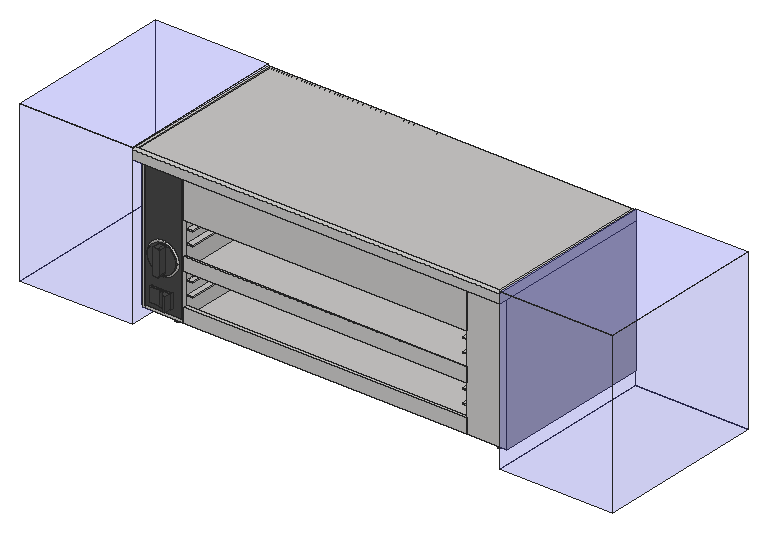
Revit family "QF_Vollrath_CM2-12026", category Specialty Equipment, Revit 2016
Family settings
  Part Type = Normal
  Round Connector Dimension = Use Diameter
  OmniClass Number = 23.40.40.00
  OmniClass Title = Food Service Equipment and Furnishings
  Work Plane-Based = No
  Always vertical = Yes
  Cut with Voids When Loaded = No
  Shared = No
  Room Calculation Point = No
Parameters (values of type "CM2-12026")
  Width = 26 1/4"
  Weight in Pounds = 36
  Watts = 1650 W
  Watermarked By = ""
  Volts = 120 V
  URL Cutsheet = ""
  URL = "http://vollrath.com/Vollrath.htm"
  Status [instance] = ""
  Specification by User [instance] = ""
  Specification by Manufacturer [instance] = ""
  Serial Number [instance] = ""
  Revision Code [instance] = ""
  Phase = 1
  Opening = 20 1/4"
  Number of Poles [instance] = 1
  NAFEM Spec ID Number [instance] = ""
  Model = "CM2-12026"
  Masterspec [instance] = ""
  Manufacturer = "Vollrath"
  Item Number [instance] = "-"
  Installed By [instance] = ""
  Height = 11 3/8"
  Furnished By [instance] = ""
  Foodservice Equipment Identifier = yes
  FL Amps = 13.8 A
  Electrical Remarks [instance] = ""
  Electric Connection Type = ""
  Elec Conn RI Height [instance] = 0"
  Elec Conn Connection Height = 6"
  Description = "Cheese Melter"
  Depth = 12 1/8"
  Cycle = 60 Hz
  Conn Plug = "NEMA 5-15P"
  CSI MasterFormat = ""
  Assembly Code = "E1090320"
  Apparent Power = if(Phase = 3, Volts * FL Amps * 1.73, Volts * FL Amps)  # 1656 VA
Reference planes (in)
  plane 1 "BACK": y = 0
  plane 2: z = 0
  plane 3 "LEFT": x = -16.56573
  plane 4 "RIGHT": x = 9.68427
  plane 5 "FRONT": y = -12.125
  plane 6 "TOP": z = 11.375
  plane 7: x = -3.44073
  plane 8: y = -5.75
  plane 9: x = 17.68427
  plane 10: x = -24.56573
  plane 11 "Right Inner": x = 6.80927
  plane 12 "Left Inner": x = -13.44073
  plane 13 "Leg Right": x = 8.05927
  plane 14 "Leg Left": x = -14.94073
  plane 15 "Leg Back": y = -2.09375
  plane 16 "Leg Front": y = -10.03125
  plane 17 "Bottom of Box": z = 1
  plane 18 "Bottom of Top": z = 10.5625
  plane 19 "Front of Box": y = -11.5
Forms (in)
  Extrusion 1, solid, material "QF_Clearance", detail levels medium+fine
    sketch origin (0, 0, 0) x (1, 0, 0) y (0, 1, 0)
      loop
        line (-24.56573, 0) -> (-24.56573, -12.125) -> (-16.56573, -12.125) -> (-16.56573, 0) -> (-24.56573, 0)
      loop
        line (17.68427, 0) -> (9.68427, 0) -> (9.68427, -12.125) -> (17.68427, -12.125) -> (17.68427, 0)
    from 0 to 11.375
  Revolve 2, solid, material "QF_Stainless-Polished"
    sketch origin (-14.94073, 0, 0) x (0, 1, 0) y (0, 0, 1)
      loop
        line (-2.09375, 1) -> (-2.09375, 0) -> (-1.89375, 0) -> (-1.89375, 0.2) -> (-1.85375, 0.2) -> (-1.77375, 0.6) -> (-1.69375, 0.6) -> (-1.61375, 1) -> (-2.09375, 1)
      axis (-2.09375, 0) -> (-2.09375, 1)
    angle from 0 to 360
  Revolve 3, solid, material "QF_Stainless-Polished"
    sketch origin (-14.94073, 0, 0) x (0, 1, 0) y (0, 0, 1)
      loop
        line (-10.03125, 1) -> (-10.03125, 0) -> (-9.83125, 0) -> (-9.83125, 0.2) -> (-9.79125, 0.2) -> (-9.71125, 0.6) -> (-9.63125, 0.6) -> (-9.55125, 1) -> (-10.03125, 1)
      axis (-10.03125, 0) -> (-10.03125, 1)
    angle from 0 to 360
  Revolve 4, solid, material "QF_Stainless-Polished"
    sketch origin (8.05927, 0, 0) x (0, 1, 0) y (0, 0, 1)
      loop
        line (-2.09375, 1) -> (-2.09375, 0) -> (-1.89375, 0) -> (-1.89375, 0.2) -> (-1.85375, 0.2) -> (-1.77375, 0.6) -> (-1.69375, 0.6) -> (-1.61375, 1) -> (-2.09375, 1)
      axis (-2.09375, 0) -> (-2.09375, 1)
    angle from 0 to 360
  Revolve 5, solid, material "QF_Stainless-Polished"
    sketch origin (8.05927, 0, 0) x (0, 1, 0) y (0, 0, 1)
      loop
        line (-10.03125, 1) -> (-10.03125, 0) -> (-9.83125, 0) -> (-9.83125, 0.2) -> (-9.79125, 0.2) -> (-9.71125, 0.6) -> (-9.63125, 0.6) -> (-9.55125, 1) -> (-10.03125, 1)
      axis (-10.03125, 0) -> (-10.03125, 1)
    angle from 0 to 360
  Sweep 6, solid, material "QF_Stainless-Polished"
    path origin (0, 0, 11.375) x (0, 1, 0) y (-1, 0, 0)
      loop
        line (0, 16.56573) -> (-12.125, 16.56573) -> (-12.125, -9.68427) -> (0, -9.68427) -> (0, 16.56573)
    profile origin (-3.44073, 0, 11.375) x (0, 1, 0) y (0, 0, 1)
      loop
        line (0, -0.125) -> (-0.125, 0) -> (-0.8125, 0) -> (-0.8125, -0.125) -> (-0.17678, -0.125) -> (-0.125, -0.17678) -> (-0.125, -0.8125) -> (0, -0.8125) -> (0, -0.125)
  Extrusion 7, solid, material "QF_Stainless-Polished"
    sketch origin (0, 0, 11.375) x (0, 1, 0) y (-1, 0, 0)
      loop
        line (-0.8125, 15.75323) -> (-11.3125, 15.75323) -> (-11.3125, -8.87177) -> (-0.8125, -8.87177) -> (-0.8125, 15.75323)
    from 0 to -0.125
  Extrusion 8, solid, material "QF_Stainless-Polished"
    sketch origin (0, 0, 10.5625) x (0, 1, 0) y (-1, 0, 0)
      loop
        line (-0.125, 16.44073) -> (-12, 16.44073) -> (-12, -9.55927) -> (-0.125, -9.55927) -> (-0.125, 16.44073)
    from 0 to 0.125
  Extrusion 9, solid, material "QF_Stainless-Polished"
    sketch origin (-16.56573, 0, 0) x (0, 1, 0) y (0, 0, 1)
      loop
        line (0, 10.5625) -> (-11.25, 10.5625) -> (-11.25, 1) -> (0, 1) -> (0, 10.5625)
      loop
        circle (-5.75, 5.78125) r 2
    from 0 to 0.25
  Sweep 10, solid, material "QF_Stainless-Polished"
    path origin (-16.56573, 0, 0) x (0, 1, 0) y (0, 0, 1)
      loop
        circle (-5.75, 5.78125) r 1.75
    profile origin (-16.56573, -5.75, 7.53125) x (0, 0, -1) y (1, 0, 0)
      loop
        circle (0, 0) r 0.0625
  Sweep 11, solid, material "QF_Stainless-Polished"
    path origin (-16.56573, 0, 0) x (0, 1, 0) y (0, 0, 1)
      loop
        circle (-5.75, 5.78125) r 1.5
    profile origin (-16.56573, -5.75, 7.28125) x (0, 0, -1) y (1, 0, 0)
      loop
        circle (0, 0) r 0.0625
  Sweep 12, solid, material "QF_Stainless-Polished"
    path origin (-16.56573, 0, 0) x (0, 1, 0) y (0, 0, 1)
      loop
        circle (-5.75, 5.78125) r 1.25
    profile origin (-16.56573, -5.75, 7.03125) x (0, 0, -1) y (1, 0, 0)
      loop
        circle (0, 0) r 0.0625
  Sweep 13, solid, material "QF_Stainless-Polished"
    path origin (-16.56573, 0, 0) x (0, 1, 0) y (0, 0, 1)
      loop
        circle (-5.75, 5.78125) r 1
    profile origin (-16.56573, -5.75, 6.78125) x (0, 0, -1) y (1, 0, 0)
      loop
        circle (0, 0) r 0.0625
  Sweep 14, solid, material "QF_Stainless-Polished"
    path origin (-16.56573, 0, 0) x (0, 1, 0) y (0, 0, 1)
      loop
        circle (-5.75, 5.78125) r 0.75
    profile origin (-16.56573, -5.75, 6.53125) x (0, 0, -1) y (1, 0, 0)
      loop
        circle (0, 0) r 0.0625
  Sweep 15, solid, material "QF_Stainless-Polished"
    path origin (-16.56573, 0, 0) x (0, 1, 0) y (0, 0, 1)
      loop
        circle (-5.75, 5.78125) r 0.5
    profile origin (-16.56573, -5.75, 6.28125) x (0, 0, -1) y (1, 0, 0)
      loop
        circle (0, 0) r 0.0625
  Sweep 16, solid, material "QF_Stainless-Polished"
    path origin (-16.56573, 0, 0) x (0, 1, 0) y (0, 0, 1)
      loop
        circle (-5.75, 5.78125) r 0.25
    profile origin (-16.56573, -5.75, 6.03125) x (0, 0, -1) y (1, 0, 0)
      loop
        circle (0, 0) r 0.0625
  Sweep 17, solid, material "QF_Stainless-Polished"
    path origin (-16.56573, 0, 0) x (0, 1, 0) y (0, 0, 1)
      loop
        line (-7.51777, 7.54902) -> (-3.98223, 4.01348)
    profile origin (-16.56573, -5.75, 5.78125) x (0, 0.707107, 0.707107) y (1, 0, 0)
      loop
        arc (-0.125, 0) -> (0, -0.125) -> (0.125, 0) r 0.125
        line (0.125, 0) -> (-0.125, 0)
  Sweep 18, solid, material "QF_Stainless-Polished"
    path origin (-16.56573, 0, 0) x (0, 1, 0) y (0, 0, 1)
      loop
        line (-3.98223, 7.54902) -> (-7.51777, 4.01348)
    profile origin (-16.56573, -5.75, 5.78125) x (0, 0.707107, -0.707107) y (1, 0, 0)
      loop
        line (0.125, 0) -> (-0.125, 0)
        arc (-0.125, 0) -> (0, -0.125) -> (0.125, 0) r 0.125
  Extrusion 19, solid, material "QF_Stainless-Polished"
    sketch origin (9.68427, 0, 0) x (0, 1, 0) y (0, 0, 1)
      loop
        line (0, 10.5625) -> (-11.5, 10.5625) -> (-11.5, 1) -> (0, 1) -> (0, 10.5625)
    from 0 to -0.25
  Extrusion 20, solid, material "QF_Stainless-Polished"
    sketch origin (0, 0, 0) x (1, 0, 0) y (0, 0, 1)
      loop
        line (9.43427, 1) -> (9.43427, 10.5625) -> (-16.31573, 10.5625) -> (-16.31573, 1) -> (9.43427, 1)
    from 0 to 0.25
  Extrusion 21, solid, material "QF_Stainless-Polished"
    sketch origin (0, 0, 1) x (0, 1, 0) y (-1, 0, 0)
      loop
        line (-0.25, 16.31573) -> (-11.5, 16.31573) -> (-11.5, -9.43427) -> (-0.25, -9.43427) -> (-0.25, 16.31573)
    from 0 to 0.25
  Extrusion 22, solid, material "QF_Stainless-Polished"
    sketch origin (0, -11.5, 0) x (-1, 0, 0) y (0, 0, 1)
      loop
        line (-9.68427, 1) -> (-6.80927, 1) -> (-6.80927, 10.5625) -> (-9.68427, 10.5625) -> (-9.68427, 1)
    from 0 to 11.25
  Extrusion 23, solid, material "QF_Stainless-Polished"
    sketch origin (0, -11.5, 0) x (-1, 0, 0) y (0, 0, 1)
      loop
        line (-6.80927, 10.5625) -> (-6.80927, 7.5625) -> (13.44073, 7.5625) -> (13.44073, 10.5625) -> (-6.80927, 10.5625)
    from 0 to 0.25
  Extrusion 24, void
    sketch origin (0, -11.5, 0) x (-1, 0, 0) y (0, 0, 1)
      loop
        line (13.44073, 1.25) -> (13.44073, 1) -> (16.31573, 1) -> (16.31573, 1.25) -> (13.44073, 1.25)
    from 0 to 0.25
  Extrusion 25, solid, material "QF_Stainless-Polished"
    sketch origin (0, -11.5, 0) x (-1, 0, 0) y (0, 0, 1)
      loop
        line (13.44073, 1) -> (16.31573, 1) -> (16.31573, 10.5625) -> (13.44073, 10.5625) -> (13.44073, 1)
      loop
        line (16.19073, 1.25) -> (16.19073, 10.3125)
        arc (16.19073, 10.3125) -> (16.15411, 10.40089) -> (16.06573, 10.4375) r 0.125
        line (16.06573, 10.4375) -> (13.69073, 10.4375)
        arc (13.69073, 10.4375) -> (13.60234, 10.40089) -> (13.56573, 10.3125) r 0.125
        line (13.56573, 10.3125) -> (13.56573, 1.25)
        arc (13.56573, 1.25) -> (13.60234, 1.16161) -> (13.69073, 1.125) r 0.125
        line (13.69073, 1.125) -> (16.06573, 1.125)
        arc (16.06573, 1.125) -> (16.15411, 1.16161) -> (16.19073, 1.25) r 0.125
    from 0 to 0.25
  Extrusion 26, solid, material "QF_Steel-Paint Finish-Black"
    sketch origin (0, -11.5, 0) x (-1, 0, 0) y (0, 0, 1)
      loop
        arc (13.69073, 10.4375) -> (13.60234, 10.40089) -> (13.56573, 10.3125) r 0.125
        line (13.56573, 10.3125) -> (13.56573, 1.25)
        arc (13.56573, 1.25) -> (13.60234, 1.16161) -> (13.69073, 1.125) r 0.125
        line (13.69073, 1.125) -> (16.06573, 1.125)
        arc (16.06573, 1.125) -> (16.15411, 1.16161) -> (16.19073, 1.25) r 0.125
        line (16.19073, 1.25) -> (16.19073, 10.3125)
        arc (16.19073, 10.3125) -> (16.15411, 10.40089) -> (16.06573, 10.4375) r 0.125
        line (16.06573, 10.4375) -> (13.69073, 10.4375)
      loop
        circle (14.87823, 4.625) r 1
      loop
        line (15.69073, 1.625) -> (15.69073, 2.625) -> (14.19073, 2.625) -> (14.19073, 1.625) -> (15.69073, 1.625)
    from 0 to 0.25
  Extrusion 27, void
    sketch origin (0, -11.5, 0) x (-1, 0, 0) y (0, 0, 1)
      loop
        line (13.44073, 1.25) -> (-6.80927, 1.25) -> (-6.80927, 1) -> (13.44073, 1) -> (13.44073, 1.25)
    from 0 to 0.25
  Extrusion 28, solid, material "QF_Stainless-Polished"
    sketch origin (0, -11.5, 0) x (-1, 0, 0) y (0, 0, 1)
      loop
        line (13.44073, 1) -> (13.44073, 2) -> (-6.80927, 2) -> (-6.80927, 1) -> (13.44073, 1)
    from 0 to 0.25
  Extrusion 29, solid, material "QF_Stainless-Polished"
    sketch origin (0, -11.5, 0) x (-1, 0, 0) y (0, 0, 1)
      loop
        line (13.44073, 1.25) -> (13.69073, 1.25) -> (13.69073, 10.5625) -> (13.44073, 10.5625) -> (13.44073, 1.25)
    from 0.25 to 11.25
  Extrusion 30, solid, material "QF_Plastic-Black-Coarse"
    sketch origin (0, -11.5, 0) x (-1, 0, 0) y (0, 0, 1)
      loop
        circle (14.87823, 4.625) r 1
      loop
        line (15.69073, 2.625) -> (14.19073, 2.625) -> (14.19073, 1.625) -> (15.69073, 1.625) -> (15.69073, 2.625)
    from 0 to -0.125
  Extrusion 31, solid, material "QF_Plastic-Black-Coarse"
    sketch origin (0, -11.625, 0) x (1, 0, 0) y (0, 0, 1)
      loop
        line (-15.12823, 5.42783) -> (-15.12823, 3.82217)
        arc (-15.12823, 3.82217) -> (-15.09817, 3.74087) -> (-15.02246, 3.69866) r 0.125
        arc (-15.02246, 3.69866) -> (-14.87823, 3.6875) -> (-14.73399, 3.69866) r 0.9375
        arc (-14.73399, 3.69866) -> (-14.65828, 3.74087) -> (-14.62823, 3.82217) r 0.125
        line (-14.62823, 3.82217) -> (-14.62823, 5.42783)
        arc (-14.62823, 5.42783) -> (-14.65828, 5.50913) -> (-14.73399, 5.55134) r 0.125
        arc (-14.73399, 5.55134) -> (-14.87823, 5.5625) -> (-15.02246, 5.55134) r 0.9375
        arc (-15.02246, 5.55134) -> (-15.09817, 5.50913) -> (-15.12823, 5.42783) r 0.125
    from 0 to 0.5
  Extrusion 32, solid, material "QF_Plastic-Black-Coarse"
    sketch origin (-15.69073, -11.5, 2.625) x (1, 0, 0) y (0, 1, 0)
      loop
        line (1.4375, -0.125) -> (0.0625, -0.125) -> (0.0625, -0.22041) -> (0.70081, -0.22041)
        arc (0.70081, -0.22041) -> (0.89215, -0.25847) -> (1.05436, -0.36686) r 0.5
        line (1.05436, -0.36686) -> (1.3125, -0.625) -> (1.4375, -0.625) -> (1.4375, -0.125)
    from 0 to -1
  Extrusion 33, solid, material "QF_Stainless-Polished"
    sketch origin (0, -11.5, 0) x (-1, 0, 0) y (0, 0, 1)
      loop
        line (13.44073, 4.28125) -> (13.44073, 5.28125) -> (-6.80927, 5.28125) -> (-6.80927, 4.28125) -> (13.44073, 4.28125)
    from 0 to 0.0625
  Extrusion 34, solid, material "QF_Stainless-Polished"
    sketch origin (-13.44073, 0, 0) x (0, 1, 0) y (0, 0, 1)
      loop
        line (-11.4375, 4.28125) -> (-0.25, 4.28125) -> (-0.25, 4.34375) -> (-11.4375, 4.34375) -> (-11.4375, 4.28125)
    from 0 to 20.25
  Extrusion 35, solid, material "QF_Stainless-Polished"
    sketch origin (0, -11.5, 0) x (-1, 0, 0) y (0, 0, 1)
      loop
        line (-6.30927, 6.92187) -> (-6.80927, 6.92187) -> (-6.80927, 5.92187) -> (-6.30927, 5.92187) -> (-6.30927, 5.98437) -> (-6.74677, 5.98437) -> (-6.74677, 6.85937) -> (-6.30927, 6.85937) -> (-6.30927, 6.92187)
      loop
        line (12.94073, 6.92187) -> (12.94073, 6.85937) -> (13.37823, 6.85937) -> (13.37823, 5.98437) -> (12.94073, 5.98437) -> (12.94073, 5.92187) -> (13.44073, 5.92187) -> (13.44073, 6.92187) -> (12.94073, 6.92187)
      loop
        line (-6.30927, 3.64062) -> (-6.80927, 3.64062) -> (-6.80927, 2.64062) -> (-6.30927, 2.64062) -> (-6.30927, 2.70312) -> (-6.74677, 2.70312) -> (-6.74677, 3.57812) -> (-6.30927, 3.57812) -> (-6.30927, 3.64062)
      loop
        line (12.94073, 3.64062) -> (12.94073, 3.57812) -> (13.37823, 3.57812) -> (13.37823, 2.70312) -> (12.94073, 2.70312) -> (12.94073, 2.64062) -> (13.44073, 2.64062) -> (13.44073, 3.64062) -> (12.94073, 3.64062)
    from 0.25 to 11.25
  Sweep 36, solid, material "QF_Stainless-Polished"
    path origin (0, -11.5, 0) x (-1, 0, 0) y (0, 0, 1)
      loop
        circle (14.87823, 4.625) r 1
    profile origin (-14.87823, -11.5, 5.625) x (0, 0, -1) y (0, 1, 0)
      loop
        line (0, 0) -> (-0.125, 0)
        arc (-0.125, 0) -> (-0.0625, -0.0625) -> (0, 0) r 0.0625
  Extrusion 37, solid, material "QF_Stainless-Polished"
    sketch origin (0, 0, 0) x (1, 0, 0) y (0, 0, 1)
      loop
        circle (-14.94073, 3.14039) r 0.25
    from 0 to -0.25
Cuts and joins
  joined: Sweep 6, Extrusion 7, Extrusion 8
  Extrusion 24, Extrusion 27 cuts Extrusion 9
  Extrusion 24, Extrusion 27 cuts Extrusion 19
  Extrusion 24, Extrusion 27 cuts Extrusion 20
  Extrusion 24, Extrusion 27 cuts Extrusion 21
  Extrusion 24, Extrusion 27 cuts Extrusion 22
  joined: Extrusion 9, Extrusion 19, Extrusion 20, Extrusion 21, Extrusion 22
  Extrusion 24 cuts Revolve 2
  Extrusion 24 cuts Revolve 3
  Extrusion 27 cuts Extrusion 25
Lines and regions (in)
  symbolic lines, style "QF_Clearances_Code Mandatory"
    curve 1: line (-24.56573, 0, 0) -> (-16.56573, 0, 0)
    curve 2: line (-24.56573, -12.125, 0) -> (-24.56573, 0, 0)
    curve 3: line (-16.56573, -12.125, 0) -> (-24.56573, -12.125, 0)
    curve 5: line (17.68427, 0, 0) -> (9.68427, 0, 0)
    curve 6: line (17.68427, -12.125, 0) -> (17.68427, 0, 0)
    curve 7: line (9.68427, -12.125, 0) -> (17.68427, -12.125, 0)
  symbolic lines, style "SpecialityEquipment"
    curve 4: line (-16.56573, 0, 0) -> (-16.56573, -12.125, 0)
    curve 8: line (9.68427, 0, 0) -> (9.68427, -12.125, 0)
  symbolic lines
    curve 9: line (9.68427, 0, 1) -> (-16.56573, 0, 1)
    curve 10: line (-16.56573, -12.125, 1) -> (9.68427, -12.125, 1)
  symbolic lines, style "QF_Details_Undercounter"
    curve 11: line (-16.31573, -11.5, 1) -> (9.68427, -11.5, 1)
    curve 12: line (-16.31573, -11.25, 1) -> (-16.31573, -11.5, 1)
    curve 13: line (-16.31573, -11.25, 1) -> (-16.56573, -11.25, 1)
Dimensions and locks (in)
  "Depth": plane 5 "FRONT" to plane 1 "BACK"
  "Height": plane 6 "TOP" to plane 2
  "Width": plane 4 "RIGHT" to plane 3 "LEFT"
  equal spacing: plane 3 "LEFT", plane 7, plane 4 "RIGHT"
  locked: plane 10 to plane 3 "LEFT" at 8
  locked: plane 4 "RIGHT" to plane 9 at 8
  locked: plane 3 "LEFT" to plane 14 "Leg Left" at 1.625
  locked: plane 13 "Leg Right" to plane 4 "RIGHT" at 1.625
  locked: plane 15 "Leg Back" to plane 1 "BACK" at 2.09375
  locked: plane 5 "FRONT" to plane 16 "Leg Front" at 2.09375
  locked: plane 17 "Bottom of Box" to level at 1
  locked: plane 6 "TOP" to plane 18 "Bottom of Top" at 0.8125
  locked: plane 19 "Front of Box" to plane 5 "FRONT" at 0.625
  equal spacing: plane 1 "BACK", plane 8, plane 19 "Front of Box"
  locked: Extrusion 9 sketch curve to plane 19 "Front of Box" at 0.25
  locked: plane 3 "LEFT" to plane 12 "Left Inner" at 3.125
  "Opening": plane 12 "Left Inner" to plane 11 "Right Inner"
  aligned and locked: level to plane 2
  aligned and locked: plane 1 "BACK" to Extrusion 1 sketch curve
  aligned and locked: plane 10 to Extrusion 1 sketch curve
  aligned and locked: plane 5 "FRONT" to Extrusion 1 sketch curve
  aligned and locked: Extrusion 1 sketch curve to plane 3 "LEFT"
  aligned and locked: Extrusion 1 sketch curve to plane 1 "BACK"
  aligned and locked: plane 9 to Extrusion 1 sketch curve
  aligned and locked: Extrusion 1 sketch curve to plane 5 "FRONT"
  aligned and locked: Extrusion 1 sketch curve to plane 4 "RIGHT"
  aligned and locked: curve 1 to Extrusion 1
  aligned and locked: curve 2 to Extrusion 1
  aligned and locked: curve 3 to Extrusion 1
  aligned and locked: curve 4 to Extrusion 1
  aligned and locked: curve 5 to Extrusion 1
  aligned and locked: curve 6 to Extrusion 1
  aligned and locked: curve 7 to Extrusion 1
  aligned and locked: curve 8 to Extrusion 1
  aligned and locked: plane 6 "TOP" to Extrusion 1
  aligned and locked: plane 15 "Leg Back" to Revolve 2 sketch curve
  aligned and locked: plane 16 "Leg Front" to Revolve 3 sketch curve
  aligned and locked: plane 17 "Bottom of Box" to Revolve 3 sketch curve
  aligned and locked: plane 17 "Bottom of Box" to Revolve 2 sketch curve
  aligned and locked: plane 17 "Bottom of Box" to Revolve 4 sketch curve
  aligned and locked: plane 15 "Leg Back" to Revolve 4 sketch curve
  aligned and locked: plane 17 "Bottom of Box" to Revolve 5 sketch curve
  aligned and locked: plane 16 "Leg Front" to Revolve 5 sketch curve
  aligned and locked: Sweep 6 sketch curve to Extrusion 1  (x4)
  aligned and locked: Sweep 6 sketch curve to plane 1 "BACK"
  aligned and locked: Sweep 6 sketch curve to plane 6 "TOP"
  aligned and locked: Extrusion 7 sketch curve to Sweep 6  (x4)
  aligned and locked: Extrusion 8 sketch curve to cut or joined group of Sweep 6, Extrusion 7, Extrusion 8  (x3)
  aligned and locked: Extrusion 9 sketch curve to cut or joined group of Sweep 6, Extrusion 7, Extrusion 8  (x2)
  aligned and locked: Extrusion 9 sketch curve to plane 17 "Bottom of Box"
  aligned and locked: Extrusion 19 sketch curve to cut or joined group of Sweep 6, Extrusion 7, Extrusion 8
  aligned and locked: Extrusion 19 sketch curve to Extrusion 9  (x2)
  aligned and locked: Extrusion 20 sketch curve to Extrusion 19  (x2)
  aligned and locked: Extrusion 9 to Extrusion 20 sketch curve
  aligned and locked: Extrusion 20 sketch curve to Extrusion 9
  aligned and locked: Extrusion 21 sketch curve to Extrusion 20  (x2)
  aligned and locked: Extrusion 19 to Extrusion 21 sketch curve  (x2)
  aligned and locked: Extrusion 22 sketch curve to Extrusion 19  (x2)
  aligned and locked: plane 18 "Bottom of Top" to Extrusion 22 sketch curve
  aligned and locked: Extrusion 22 sketch curve to plane 11 "Right Inner"
  aligned and locked: Extrusion 23 sketch curve to plane 11 "Right Inner"
  aligned and locked: plane 12 "Left Inner" to Extrusion 23 sketch curve
  aligned and locked: Extrusion 23 sketch curve to plane 18 "Bottom of Top"
  aligned and locked: Extrusion 24 sketch curve to cut or joined group of Extrusion 9, Extrusion 19, Extrusion 20, Extrusion 21, Extrusion 22, Extrusion 24, Extrusion 27  (x3)
  aligned and locked: Extrusion 24 sketch curve to plane 12 "Left Inner"
  aligned and locked: cut or joined group of Extrusion 9, Extrusion 19, Extrusion 20, Extrusion 21, Extrusion 22, Extrusion 24, Extrusion 27 to Extrusion 25 sketch curve  (x2)
  aligned and locked: Extrusion 25 sketch curve to cut or joined group of Extrusion 9, Extrusion 19, Extrusion 20, Extrusion 21, Extrusion 22, Extrusion 24, Extrusion 27  (x2)
  aligned and locked: Extrusion 26 sketch curve to Extrusion 25  (x4)
  aligned and locked: cut or joined group of Extrusion 9, Extrusion 19, Extrusion 20, Extrusion 21, Extrusion 22, Extrusion 24, Extrusion 27 to Extrusion 27 sketch curve
  aligned and locked: Extrusion 27 sketch curve to cut or joined group of Extrusion 9, Extrusion 19, Extrusion 20, Extrusion 21, Extrusion 22, Extrusion 24, Extrusion 27
  aligned and locked: Extrusion 27 sketch curve to plane 17 "Bottom of Box"
  aligned and locked: plane 11 "Right Inner" to Extrusion 27 sketch curve
  aligned and locked: Extrusion 28 sketch curve to plane 17 "Bottom of Box"
  aligned and locked: Extrusion 28 sketch curve to cut or joined group of Extrusion 9, Extrusion 19, Extrusion 20, Extrusion 21, Extrusion 22, Extrusion 24, Extrusion 27
  aligned and locked: plane 12 "Left Inner" to Extrusion 28 sketch curve
  aligned and locked: plane 18 "Bottom of Top" to Extrusion 29 sketch curve
  aligned and locked: cut or joined group of Extrusion 9, Extrusion 19, Extrusion 20, Extrusion 21, Extrusion 22, Extrusion 24, Extrusion 27 to Extrusion 29
  aligned and locked: Extrusion 29 to cut or joined group of Extrusion 9, Extrusion 19, Extrusion 20, Extrusion 21, Extrusion 22, Extrusion 24, Extrusion 27
  aligned and locked: cut or joined group of Extrusion 9, Extrusion 19, Extrusion 20, Extrusion 21, Extrusion 22, Extrusion 24, Extrusion 27 to Extrusion 29 sketch curve
  aligned and locked: Extrusion 30 sketch curve to Extrusion 26  (x4)
  aligned and locked: Extrusion 33 sketch curve to plane 11 "Right Inner"
  aligned and locked: Extrusion 33 sketch curve to plane 12 "Left Inner"
  aligned and locked: Extrusion 34 sketch curve to cut or joined group of Extrusion 9, Extrusion 19, Extrusion 20, Extrusion 21, Extrusion 22, Extrusion 24, Extrusion 27
  aligned and locked: Extrusion 34 sketch curve to Extrusion 33
  aligned and locked: plane 11 "Right Inner" to Extrusion 34
  aligned and locked: plane 11 "Right Inner" to Extrusion 35 sketch curve
  aligned and locked: cut or joined group of Extrusion 9, Extrusion 19, Extrusion 20, Extrusion 21, Extrusion 22, Extrusion 24, Extrusion 27 to Extrusion 35
  aligned and locked: Extrusion 35 to cut or joined group of Extrusion 9, Extrusion 19, Extrusion 20, Extrusion 21, Extrusion 22, Extrusion 24, Extrusion 27
  aligned and locked: curve 9 to cut or joined group of Extrusion 9, Extrusion 19, Extrusion 20, Extrusion 21, Extrusion 22, Extrusion 24, Extrusion 27
  aligned and locked: curve 10 to cut or joined group of Sweep 6, Extrusion 7, Extrusion 8
  aligned and locked: curve 11 to Extrusion 23
  aligned and locked: curve 12 to cut or joined group of Extrusion 25, Extrusion 27
Automatic sketch dimensions
  Revolve 2 sketch curve to plane 15 "Leg Back" = 0"
  Revolve 2 sketch curve to level = 0"  (x2)
  Revolve 2 sketch curve to plane 17 "Bottom of Box" = 0"
  Revolve 2 sketch curve to Revolve 2 sketch curve = 0.2"
  Revolve 2 sketch curve to Revolve 2 sketch curve = 0.04"
  Revolve 2 sketch curve to plane 15 "Leg Back" = 0.32"
  level to Revolve 2 sketch curve = 0.2"
  Revolve 2 sketch curve to plane 17 "Bottom of Box" = 0.4"
  Revolve 2 sketch curve to Revolve 2 sketch curve = 0.48"
  Revolve 2 sketch curve to Revolve 2 sketch curve = 0.08"
  Revolve 3 sketch curve to plane 16 "Leg Front" = 0"
  Revolve 3 sketch curve to level = 0"  (x2)
  Revolve 3 sketch curve to plane 17 "Bottom of Box" = 0"
  Revolve 3 sketch curve to Revolve 3 sketch curve = 0.2"
  Revolve 3 sketch curve to Revolve 3 sketch curve = 0.04"
  Revolve 3 sketch curve to plane 16 "Leg Front" = 0.32"
  Revolve 3 sketch curve to Revolve 3 sketch curve = 0.08"  (x2)
  level to Revolve 3 sketch curve = 0.2"
  Revolve 3 sketch curve to plane 17 "Bottom of Box" = 0.4"
  Revolve 4 sketch curve to plane 15 "Leg Back" = 0"
  Revolve 4 sketch curve to level = 0"  (x2)
  Revolve 4 sketch curve to plane 17 "Bottom of Box" = 0"
  Revolve 4 sketch curve to Revolve 4 sketch curve = 0.2"
  Revolve 4 sketch curve to Revolve 4 sketch curve = 0.04"
  Revolve 4 sketch curve to plane 15 "Leg Back" = 0.32"
  Revolve 4 sketch curve to Revolve 4 sketch curve = 0.08"  (x2)
  level to Revolve 4 sketch curve = 0.2"
  Revolve 4 sketch curve to plane 17 "Bottom of Box" = 0.4"
  Revolve 5 sketch curve to plane 16 "Leg Front" = 0"
  Revolve 5 sketch curve to level = 0"  (x2)
  Revolve 5 sketch curve to plane 17 "Bottom of Box" = 0"
  Revolve 5 sketch curve to Revolve 5 sketch curve = 0.2"
  Revolve 5 sketch curve to Revolve 5 sketch curve = 0.04"
  Revolve 5 sketch curve to plane 16 "Leg Front" = 0.32"
  Revolve 5 sketch curve to Revolve 5 sketch curve = 0.08"  (x2)
  level to Revolve 5 sketch curve = 0.2"
  Revolve 5 sketch curve to plane 17 "Bottom of Box" = 0.4"
  profile plane to Sweep 6 sketch curve = 1/8"
  Sweep 6 sketch curve to Sweep 6 sketch curve = 0.05178"  (x4)
  Sweep 6 sketch curve to plane 6 "TOP" = 1/8"
  Sweep 6 sketch curve to Sweep 6 sketch curve = 0.63572"  (x2)
  plane 1 "BACK" to Extrusion 8 sketch curve = 1/8"
  Extrusion 9 sketch curve to plane 8 = 0"
  plane 17 "Bottom of Box" to Extrusion 9 sketch curve = 4 25/32"
  Sweep 10 sketch curve to plane 3 "LEFT" = 0"
  Sweep 10 sketch curve to profile plane = 0"
  Sweep 10 sketch curve to plane 8 = 0"
  plane 17 "Bottom of Box" to Sweep 10 sketch curve = 4 25/32"
  Sweep 11 sketch curve to plane 8 = 0"
  plane 17 "Bottom of Box" to Sweep 11 sketch curve = 4 25/32"
  Sweep 11 sketch curve to plane 3 "LEFT" = 0"
  Sweep 11 sketch curve to profile plane = 0"
  Sweep 12 sketch curve to plane 8 = 0"
  plane 17 "Bottom of Box" to Sweep 12 sketch curve = 4 25/32"
  Sweep 12 sketch curve to plane 3 "LEFT" = 0"
  Sweep 12 sketch curve to profile plane = 0"
  Sweep 13 sketch curve to plane 8 = 0"
  plane 17 "Bottom of Box" to Sweep 13 sketch curve = 4 25/32"
  Sweep 13 sketch curve to plane 3 "LEFT" = 0"
  Sweep 13 sketch curve to profile plane = 0"
  Sweep 14 sketch curve to plane 8 = 0"
  plane 17 "Bottom of Box" to Sweep 14 sketch curve = 4 25/32"
  Sweep 14 sketch curve to plane 3 "LEFT" = 0"
  Sweep 14 sketch curve to profile plane = 0"
  Sweep 15 sketch curve to plane 8 = 0"
  plane 17 "Bottom of Box" to Sweep 15 sketch curve = 4 25/32"
  Sweep 15 sketch curve to plane 3 "LEFT" = 0"
  Sweep 15 sketch curve to profile plane = 0"
  Sweep 16 sketch curve to plane 8 = 0"
  plane 17 "Bottom of Box" to Sweep 16 sketch curve = 4 25/32"
  Sweep 16 sketch curve to plane 3 "LEFT" = 0"
  Sweep 16 sketch curve to profile plane = 0"
  plane 8 to Sweep 17 sketch curve = 1.76777"
  plane 17 "Bottom of Box" to Sweep 17 sketch curve = 3.01348"
  Sweep 17 sketch curve to plane 8 = 1.76777"
  Sweep 17 sketch curve to plane 18 "Bottom of Top" = 3.01348"
  Sweep 17 sketch curve to plane 3 "LEFT" = 0"
  Sweep 17 sketch curve to profile plane = 0"
  profile plane to Sweep 17 sketch curve = 1/8"
  plane 8 to Sweep 18 sketch curve = 1.76777"
  plane 17 "Bottom of Box" to Sweep 18 sketch curve = 3.01348"
  Sweep 18 sketch curve to plane 8 = 1.76777"
  Sweep 18 sketch curve to plane 18 "Bottom of Top" = 3.01348"
  Sweep 18 sketch curve to plane 3 "LEFT" = 0"
  Sweep 18 sketch curve to profile plane = 0"
  Sweep 18 sketch curve to Sweep 18 sketch curve = 1/8"
  Extrusion 23 sketch curve to Extrusion 23 sketch curve = 3"
  Extrusion 19 sketch curve to plane 19 "Front of Box" = 0"
  Extrusion 25 sketch curve to plane 12 "Left Inner" = 1/8"
  Extrusion 25 sketch curve to plane 18 "Bottom of Top" = 1/8"
  Extrusion 25 sketch curve to Extrusion 25 sketch curve = 1/8"  (x3)
  plane 17 "Bottom of Box" to Extrusion 25 sketch curve = 1/8"
  Extrusion 25 sketch curve to Extrusion 25 sketch curve = 1/4"  (x2)
  Extrusion 26 sketch curve to Extrusion 26 sketch curve = 1/8"  (x4)
  plane 14 "Leg Left" to Extrusion 26 sketch curve = 1/16"
  Extrusion 26 sketch curve to Extrusion 26 sketch curve = 3 3/8"
  Extrusion 26 sketch curve to plane 12 "Left Inner" = 3/4"
  Extrusion 26 sketch curve to Extrusion 26 sketch curve = 3/8"  (x2)
  Extrusion 26 sketch curve to Extrusion 26 sketch curve = 1"
  Extrusion 28 sketch curve to Extrusion 28 sketch curve = 1"
  Extrusion 29 sketch curve to plane 12 "Left Inner" = 1/4"
  Extrusion 29 sketch curve to plane 12 "Left Inner" = 0"
  plane 14 "Leg Left" to Extrusion 30 sketch curve = 1/16"
  Extrusion 30 sketch curve to Extrusion 30 sketch curve = 2"
  Extrusion 31 sketch curve to Extrusion 30 = 11/16"  (x2)
  Extrusion 31 sketch curve to Extrusion 31 sketch curve = 1/4"  (x2)
  Extrusion 31 sketch curve to Extrusion 31 sketch curve = 1/8"  (x2)
  Extrusion 31 sketch curve to Extrusion 31 sketch curve = 0"  (x3)
  Extrusion 31 sketch curve to Extrusion 31 sketch curve = 0.80283"
  Extrusion 30 to Extrusion 32 sketch curve = 1/8"
  Extrusion 32 sketch curve to Extrusion 30 = 0.09541"
  Extrusion 30 to Extrusion 32 sketch curve = 1/16"  (x2)
  Extrusion 30 to Extrusion 32 sketch curve = 0.70081"
  Extrusion 32 sketch curve to Extrusion 30 = 0.24186"
  Extrusion 32 sketch curve to Extrusion 32 sketch curve = 0.35355"
  Extrusion 30 to Extrusion 32 sketch curve = 3/16"
  Extrusion 32 sketch curve to Extrusion 32 sketch curve = 0.25814"
  plane 17 "Bottom of Box" to Extrusion 33 sketch curve = 3 9/32"
  Extrusion 33 sketch curve to Extrusion 33 sketch curve = 1"
  plane 17 "Bottom of Box" to Extrusion 34 sketch curve = 3 9/32"
  Extrusion 34 sketch curve to Extrusion 34 sketch curve = 1/16"
  Extrusion 35 sketch curve to plane 11 "Right Inner" = 0"
  Extrusion 35 sketch curve to plane 12 "Left Inner" = 0"  (x2)
  Extrusion 35 sketch curve to plane 11 "Right Inner" = 1/16"  (x2)
  Extrusion 35 sketch curve to Extrusion 35 sketch curve = 7/16"  (x4)
  plane 12 "Left Inner" to Extrusion 35 sketch curve = 1/2"  (x4)
  plane 12 "Left Inner" to Extrusion 35 sketch curve = 1/16"  (x2)
  plane 17 "Bottom of Box" to Extrusion 35 sketch curve = 1 41/64"  (x2)
  Extrusion 35 sketch curve to Extrusion 35 sketch curve = 1/16"  (x8)
  Extrusion 35 sketch curve to Extrusion 35 sketch curve = 7/8"  (x4)
  Extrusion 35 sketch curve to Extrusion 35 sketch curve = 2 9/32"  (x2)
  plane 14 "Leg Left" to Sweep 36 sketch curve = 1/16"
  plane 17 "Bottom of Box" to Sweep 36 sketch curve = 3 5/8"
  Sweep 36 sketch curve to plane 19 "Front of Box" = 0"
  Sweep 36 sketch curve to profile plane = 0"
  profile plane to Sweep 36 sketch curve = 1/16"
  Extrusion 37 sketch curve to plane 14 "Leg Left" = 0"
  plane 17 "Bottom of Box" to Extrusion 37 sketch curve = 2.14039"
  curve 13 to plane 3 "LEFT" = 0"
  curve 9 to plane 4 "RIGHT" = 0"
  curve 11 to plane 4 "RIGHT" = 0"
  curve 10 to plane 4 "RIGHT" = 0"
  curve 9 to plane 3 "LEFT" = 0"
  curve 10 to plane 3 "LEFT" = 0"
  plane 19 "Front of Box" to curve 12 = 1/4"
  radius of Extrusion 9 sketch curve = 2"
  radius of Sweep 10 sketch curve = 1/16"
  radius of Sweep 10 sketch curve = 1 3/4"
  radius of Sweep 11 sketch curve = 1 1/2"
  radius of Sweep 11 sketch curve = 1/16"
  radius of Sweep 12 sketch curve = 1 1/4"
  radius of Sweep 12 sketch curve = 1/16"
  radius of Sweep 13 sketch curve = 1"
  radius of Sweep 13 sketch curve = 1/16"
  radius of Sweep 14 sketch curve = 3/4"
  radius of Sweep 14 sketch curve = 1/16"
  radius of Sweep 15 sketch curve = 1/2"
  radius of Sweep 15 sketch curve = 1/16"
  radius of Sweep 16 sketch curve = 1/4"
  radius of Sweep 16 sketch curve = 1/16"
  radius of Extrusion 26 sketch curve = 1"
  radius of Extrusion 30 sketch curve = 1"
  radius of Extrusion 31 sketch curve to Extrusion 30 = 1/16"  (x2)
  radius of Sweep 36 sketch curve = 1"
  radius of Extrusion 37 sketch curve = 1/4"
Connectors (in)
  electrical at (-14.94073, 0.25, 3.14039), driven by "Number of Poles", driven by "Volts", driven by "Apparent Power"
    settings: on Extrusion 37, index 1, voltage 120 V, apparent load 1656 VA, apparent load phase1 0 VA, apparent load phase2 0 VA, apparent load phase3 0 VA, power factor 1, load classification "Other", number of poles 1, system type 30, power factor state 1, is connector primary yes, connector utility no, sub classification motor no, connector description "ELECTRICAL"
